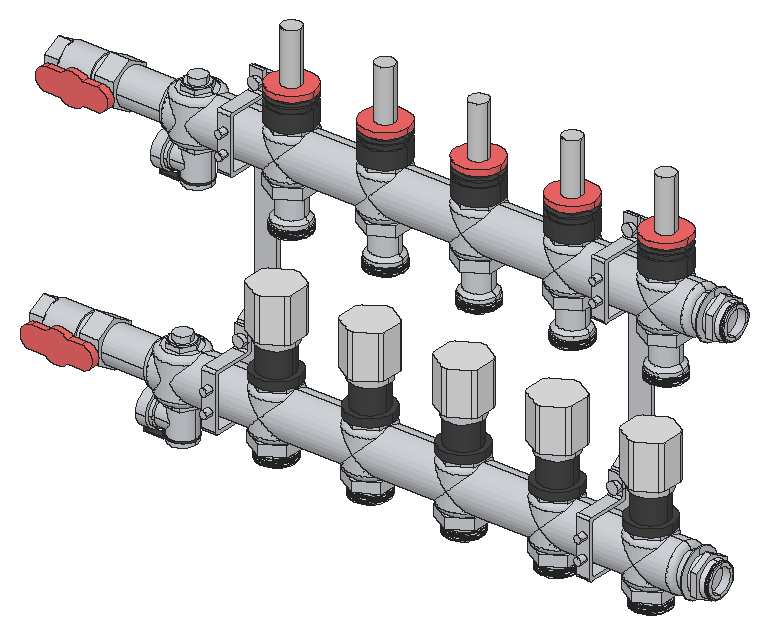
Revit family "Schülter_Combined", category Plumbing Fixtures, Revit 2014
Reference planes
  plane 1 "Center (Front/Back)": y = 0
  plane 2: z = 0
  plane 3 "Center (Left/Right)": x = 0
Forms (mm)
  Extrusion 1, solid, detail levels fine
    sketch origin (0, 0, 0) x (0, 1, 0) y (0, 0, 1)
      loop
        line (-23, -68.639) -> (-23, -143.139) -> (-20, -143.139) -> (-20, -70.22)
        arc (-20, -70.22) -> (-19.654, -68.821) -> (-18.695, -67.745) r 3
        line (-18.695, -67.745) -> (-1.305, -55.837)
        arc (-1.305, -55.837) -> (-0.346, -54.761) -> (0, -53.361) r 3
        line (0, -53.361) -> (0, 53.361)
        arc (0, 53.361) -> (-0.706, 55.294) -> (-2.491, 56.318) r 3
        arc (-2.491, 56.318) -> (-2.843, 56.647) -> (-3, 57.103) r 1
        line (-3, 57.103) -> (-3, 130.861) -> (-6, 130.861) -> (-6, 56.361)
        arc (-6, 56.361) -> (-5.121, 54.24) -> (-3, 53.361) r 3
        line (-3, 53.361) -> (-3, -51.78)
        arc (-3, -51.78) -> (-3.346, -53.179) -> (-4.305, -54.255) r 3
        line (-4.305, -54.255) -> (-21.695, -66.163)
        arc (-21.695, -66.163) -> (-22.654, -67.239) -> (-23, -68.639) r 3
    from 0 to 20
  Extrusion 2, solid, detail levels fine
    sketch origin (0, 0, 0) x (0, 1, 0) y (0, 0, 1)
      loop
        arc (-48, 116.861) -> (-49.414, 116.276) -> (-50, 114.861) r 2
        line (-50, 114.861) -> (-50, 67.861)
        arc (-50, 67.861) -> (-49.414, 66.447) -> (-48, 65.861) r 2
        line (-48, 65.861) -> (-8, 65.861) -> (-8, 68.361) -> (-45.5, 68.361)
        arc (-45.5, 68.361) -> (-46.914, 68.947) -> (-47.5, 70.361) r 2
        line (-47.5, 70.361) -> (-47.5, 112.361)
        arc (-47.5, 112.361) -> (-46.914, 113.776) -> (-45.5, 114.361) r 2
        line (-45.5, 114.361) -> (-13, 114.361)
        arc (-13, 114.361) -> (-11.586, 114.947) -> (-11, 116.361) r 2
        line (-11, 116.361) -> (-11, 135.861) -> (-13.5, 135.861) -> (-13.5, 118.861)
        arc (-13.5, 118.861) -> (-14.086, 117.447) -> (-15.5, 116.861) r 2
        line (-15.5, 116.861) -> (-48, 116.861)
    from 4 to 16
  Extrusion 3, solid, detail levels fine
    sketch origin (6.5, 0, 0) x (0, 1, 0) y (0, 0, 1)
      loop
        line (1, 60.061) -> (1, 65.361)
        arc (1, 65.361) -> (0.121, 67.483) -> (-2, 68.361) r 3
        line (-2, 68.361) -> (-8, 68.361) -> (-8, 65.861) -> (-4.5, 65.861)
        arc (-4.5, 65.861) -> (-2.379, 64.983) -> (-1.5, 62.861) r 3
        line (-1.5, 62.861) -> (-1.5, 60.061) -> (1, 60.061)
    from 0 to 7
  Extrusion 4, solid, detail levels fine
    sketch origin (0, -17, -200) x (0, 1, 0) y (0, 0, 1)
      loop
        arc (-48, 116.861) -> (-49.414, 116.276) -> (-50, 114.861) r 2
        line (-50, 114.861) -> (-50, 67.861)
        arc (-50, 67.861) -> (-49.414, 66.447) -> (-48, 65.861) r 2
        line (-48, 65.861) -> (-8, 65.861) -> (-8, 68.361) -> (-45.5, 68.361)
        arc (-45.5, 68.361) -> (-46.914, 68.947) -> (-47.5, 70.361) r 2
        line (-47.5, 70.361) -> (-47.5, 112.361)
        arc (-47.5, 112.361) -> (-46.914, 113.776) -> (-45.5, 114.361) r 2
        line (-45.5, 114.361) -> (-13, 114.361)
        arc (-13, 114.361) -> (-11.586, 114.947) -> (-11, 116.361) r 2
        line (-11, 116.361) -> (-11, 135.861) -> (-13.5, 135.861) -> (-13.5, 118.861)
        arc (-13.5, 118.861) -> (-14.086, 117.447) -> (-15.5, 116.861) r 2
        line (-15.5, 116.861) -> (-48, 116.861)
    from 4 to 16
  Extrusion 5, solid, detail levels fine
    sketch origin (6.5, -17, -200) x (0, 1, 0) y (0, 0, 1)
      loop
        line (1, 60.061) -> (1, 65.361)
        arc (1, 65.361) -> (0.121, 67.483) -> (-2, 68.361) r 3
        line (-2, 68.361) -> (-8, 68.361) -> (-8, 65.861) -> (-4.5, 65.861)
        arc (-4.5, 65.861) -> (-2.379, 64.983) -> (-1.5, 62.861) r 3
        line (-1.5, 62.861) -> (-1.5, 60.061) -> (1, 60.061)
    from 0 to 7
  Extrusion 6, solid, detail levels fine
    sketch origin (-0.166, -2, 0) x (1, 0, 0) y (0, 0, 1)
      loop
        circle (10.166, 124.986) r 3
    from 0 to 7.4
  Extrusion 7, solid, detail levels fine
    sketch origin (0, -5.3, 0) x (1, 0, 0) y (0, 0, 1)
      loop
        circle (10, 124.986) r 5
    from 4.1 to 12
  Extrusion 8, solid, detail levels fine
    sketch origin (0, 3, -2.465) x (1, 0, 0) y (0, 0, 1)
      loop
        circle (10, 103.45) r 3.1
    from 0 to 6
  Extrusion 9, solid, detail levels fine
    sketch origin (0, 3, -20.465) x (1, 0, 0) y (0, 0, 1)
      loop
        circle (10, 103.45) r 3.1
    from 0 to 6
  Extrusion 10, solid, detail levels fine
    sketch origin (0, -50, -2.465) x (1, 0, 0) y (0, 0, 1)
      loop
        circle (10, 103.45) r 3.1
    from 0 to 6.5
  Extrusion 11, solid, detail levels fine
    sketch origin (0, -50, -20.465) x (1, 0, 0) y (0, 0, 1)
      loop
        circle (10, 103.45) r 3.1
    from 0 to 6.5
  Extrusion 12, solid, detail levels fine
    sketch origin (-0.166, -19, -200) x (1, 0, 0) y (0, 0, 1)
      loop
        circle (10.166, 124.986) r 3
    from 0 to 7.4
  Extrusion 13, solid, detail levels fine
    sketch origin (0, -22.3, -200) x (1, 0, 0) y (0, 0, 1)
      loop
        circle (10, 124.986) r 5
    from 4.1 to 12
  Extrusion 14, solid, detail levels fine
    sketch origin (0, -14, -202.465) x (1, 0, 0) y (0, 0, 1)
      loop
        circle (10, 103.45) r 3.1
    from 0 to 6
  Extrusion 15, solid, detail levels fine
    sketch origin (0, -14, -220.465) x (1, 0, 0) y (0, 0, 1)
      loop
        circle (10, 103.45) r 3.1
    from 0 to 6
  Extrusion 16, solid, detail levels fine
    sketch origin (0, -67, -202.465) x (1, 0, 0) y (0, 0, 1)
      loop
        circle (10, 103.45) r 3.1
    from 0 to 6.5
  Extrusion 17, solid, detail levels fine
    sketch origin (0, -67, -220.465) x (1, 0, 0) y (0, 0, 1)
      loop
        circle (10, 103.45) r 3.1
    from 0 to 6.5
  Extrusion 18, solid, detail levels medium
    sketch origin (0, 0, 0) x (0, 1, 0) y (0, 0, 1)
      loop
        line (-3, 56.361) -> (-3, 130.861) -> (-6, 130.861) -> (-6, 53.361) -> (-3, 53.361) -> (-3, -67.22) -> (-23, -67.22) -> (-23, -143.139) -> (-20, -143.139) -> (-20, -70.22) -> (0, -70.22) -> (0, 56.361) -> (-3, 56.361)
    from 0 to 20
  Extrusion 19, solid, detail levels medium
    sketch origin (0, 0, 0) x (0, 1, 0) y (0, 0, 1)
      loop
        line (-67, -134.139) -> (-23, -134.139) -> (-23, -131.639) -> (-64.5, -131.639) -> (-64.5, -85.639) -> (-28, -85.639) -> (-28, -80.639) -> (-23, -80.639) -> (-23, -69.894) -> (-28, -69.894) -> (-28, -64.139) -> (-30.5, -64.139) -> (-30.5, -83.139) -> (-67, -83.139) -> (-67, -134.139)
    from 4 to 16
  Extrusion 20, solid, detail levels medium
    sketch origin (0, 17, 200) x (0, 1, 0) y (0, 0, 1)
      loop
        line (-67, -134.139) -> (-23, -134.139) -> (-23, -131.639) -> (-64.5, -131.639) -> (-64.5, -85.639) -> (-28, -85.639) -> (-28, -80.639) -> (-23, -80.639) -> (-23, -69.894) -> (-28, -69.894) -> (-28, -64.139) -> (-30.5, -64.139) -> (-30.5, -83.139) -> (-67, -83.139) -> (-67, -134.139)
    from 4 to 16
  Extrusion 21, solid, detail levels fine
    sketch origin (336, 0, 0) x (0, 1, 0) y (0, 0, 1)
      loop
        line (-23, -68.639) -> (-23, -143.139) -> (-20, -143.139) -> (-20, -70.22)
        arc (-20, -70.22) -> (-19.654, -68.821) -> (-18.695, -67.745) r 3
        line (-18.695, -67.745) -> (-1.305, -55.837)
        arc (-1.305, -55.837) -> (-0.346, -54.761) -> (0, -53.361) r 3
        line (0, -53.361) -> (0, 53.361)
        arc (0, 53.361) -> (-0.706, 55.294) -> (-2.491, 56.318) r 3
        arc (-2.491, 56.318) -> (-2.843, 56.647) -> (-3, 57.103) r 1
        line (-3, 57.103) -> (-3, 130.861) -> (-6, 130.861) -> (-6, 56.361)
        arc (-6, 56.361) -> (-5.121, 54.24) -> (-3, 53.361) r 3
        line (-3, 53.361) -> (-3, -51.78)
        arc (-3, -51.78) -> (-3.346, -53.179) -> (-4.305, -54.255) r 3
        line (-4.305, -54.255) -> (-21.695, -66.163)
        arc (-21.695, -66.163) -> (-22.654, -67.239) -> (-23, -68.639) r 3
    from 0 to 20
  Extrusion 22, solid, detail levels fine
    sketch origin (336, 0, 0) x (0, 1, 0) y (0, 0, 1)
      loop
        arc (-48, 116.861) -> (-49.414, 116.276) -> (-50, 114.861) r 2
        line (-50, 114.861) -> (-50, 67.861)
        arc (-50, 67.861) -> (-49.414, 66.447) -> (-48, 65.861) r 2
        line (-48, 65.861) -> (-8, 65.861) -> (-8, 68.361) -> (-45.5, 68.361)
        arc (-45.5, 68.361) -> (-46.914, 68.947) -> (-47.5, 70.361) r 2
        line (-47.5, 70.361) -> (-47.5, 112.361)
        arc (-47.5, 112.361) -> (-46.914, 113.776) -> (-45.5, 114.361) r 2
        line (-45.5, 114.361) -> (-13, 114.361)
        arc (-13, 114.361) -> (-11.586, 114.947) -> (-11, 116.361) r 2
        line (-11, 116.361) -> (-11, 135.861) -> (-13.5, 135.861) -> (-13.5, 118.861)
        arc (-13.5, 118.861) -> (-14.086, 117.447) -> (-15.5, 116.861) r 2
        line (-15.5, 116.861) -> (-48, 116.861)
    from 4 to 16
  Extrusion 23, solid, detail levels fine
    sketch origin (342.5, 0, 0) x (0, 1, 0) y (0, 0, 1)
      loop
        line (1, 60.061) -> (1, 65.361)
        arc (1, 65.361) -> (0.121, 67.483) -> (-2, 68.361) r 3
        line (-2, 68.361) -> (-8, 68.361) -> (-8, 65.861) -> (-4.5, 65.861)
        arc (-4.5, 65.861) -> (-2.379, 64.983) -> (-1.5, 62.861) r 3
        line (-1.5, 62.861) -> (-1.5, 60.061) -> (1, 60.061)
    from 0 to 7
  Extrusion 24, solid, detail levels fine
    sketch origin (336, -17, -200) x (0, 1, 0) y (0, 0, 1)
      loop
        arc (-48, 116.861) -> (-49.414, 116.276) -> (-50, 114.861) r 2
        line (-50, 114.861) -> (-50, 67.861)
        arc (-50, 67.861) -> (-49.414, 66.447) -> (-48, 65.861) r 2
        line (-48, 65.861) -> (-8, 65.861) -> (-8, 68.361) -> (-45.5, 68.361)
        arc (-45.5, 68.361) -> (-46.914, 68.947) -> (-47.5, 70.361) r 2
        line (-47.5, 70.361) -> (-47.5, 112.361)
        arc (-47.5, 112.361) -> (-46.914, 113.776) -> (-45.5, 114.361) r 2
        line (-45.5, 114.361) -> (-13, 114.361)
        arc (-13, 114.361) -> (-11.586, 114.947) -> (-11, 116.361) r 2
        line (-11, 116.361) -> (-11, 135.861) -> (-13.5, 135.861) -> (-13.5, 118.861)
        arc (-13.5, 118.861) -> (-14.086, 117.447) -> (-15.5, 116.861) r 2
        line (-15.5, 116.861) -> (-48, 116.861)
    from 4 to 16
  Extrusion 25, solid, detail levels fine
    sketch origin (342.5, -17, -200) x (0, 1, 0) y (0, 0, 1)
      loop
        line (1, 60.061) -> (1, 65.361)
        arc (1, 65.361) -> (0.121, 67.483) -> (-2, 68.361) r 3
        line (-2, 68.361) -> (-8, 68.361) -> (-8, 65.861) -> (-4.5, 65.861)
        arc (-4.5, 65.861) -> (-2.379, 64.983) -> (-1.5, 62.861) r 3
        line (-1.5, 62.861) -> (-1.5, 60.061) -> (1, 60.061)
    from 0 to 7
  Extrusion 26, solid, detail levels fine
    sketch origin (335.834, -2, 0) x (1, 0, 0) y (0, 0, 1)
      loop
        circle (10.166, 124.986) r 3
    from 0 to 7.4
  Extrusion 27, solid, detail levels fine
    sketch origin (336, -5.3, 0) x (1, 0, 0) y (0, 0, 1)
      loop
        circle (10, 124.986) r 5
    from 4.1 to 12
  Extrusion 28, solid, detail levels fine
    sketch origin (336, 3, -2.465) x (1, 0, 0) y (0, 0, 1)
      loop
        circle (10, 103.45) r 3.1
    from 0 to 6
  Extrusion 29, solid, detail levels fine
    sketch origin (336, 3, -20.465) x (1, 0, 0) y (0, 0, 1)
      loop
        circle (10, 103.45) r 3.1
    from 0 to 6
  Extrusion 30, solid, detail levels fine
    sketch origin (336, -50, -2.465) x (1, 0, 0) y (0, 0, 1)
      loop
        circle (10, 103.45) r 3.1
    from 0 to 6.5
  Extrusion 31, solid, detail levels fine
    sketch origin (336, -50, -20.465) x (1, 0, 0) y (0, 0, 1)
      loop
        circle (10, 103.45) r 3.1
    from 0 to 6.5
  Extrusion 32, solid, detail levels fine
    sketch origin (335.834, -19, -200) x (1, 0, 0) y (0, 0, 1)
      loop
        circle (10.166, 124.986) r 3
    from 0 to 7.4
  Extrusion 33, solid, detail levels fine
    sketch origin (336, -22.3, -200) x (1, 0, 0) y (0, 0, 1)
      loop
        circle (10, 124.986) r 5
    from 4.1 to 12
  Extrusion 34, solid, detail levels fine
    sketch origin (336, -14, -202.465) x (1, 0, 0) y (0, 0, 1)
      loop
        circle (10, 103.45) r 3.1
    from 0 to 6
  Extrusion 35, solid, detail levels fine
    sketch origin (336, -14, -220.465) x (1, 0, 0) y (0, 0, 1)
      loop
        circle (10, 103.45) r 3.1
    from 0 to 6
  Extrusion 36, solid, detail levels fine
    sketch origin (336, -67, -202.465) x (1, 0, 0) y (0, 0, 1)
      loop
        circle (10, 103.45) r 3.1
    from 0 to 6.5
  Extrusion 37, solid, detail levels fine
    sketch origin (336, -67, -220.465) x (1, 0, 0) y (0, 0, 1)
      loop
        circle (10, 103.45) r 3.1
    from 0 to 6.5
  Extrusion 38, solid, detail levels medium
    sketch origin (336, 0, 0) x (0, 1, 0) y (0, 0, 1)
      loop
        line (-3, 56.361) -> (-3, 130.861) -> (-6, 130.861) -> (-6, 53.361) -> (-3, 53.361) -> (-3, -67.22) -> (-23, -67.22) -> (-23, -143.139) -> (-20, -143.139) -> (-20, -70.22) -> (0, -70.22) -> (0, 56.361) -> (-3, 56.361)
    from 0 to 20
  Extrusion 39, solid, detail levels medium
    sketch origin (336, 0, 0) x (0, 1, 0) y (0, 0, 1)
      loop
        line (-67, -134.139) -> (-23, -134.139) -> (-23, -131.639) -> (-64.5, -131.639) -> (-64.5, -85.639) -> (-28, -85.639) -> (-28, -80.639) -> (-23, -80.639) -> (-23, -69.894) -> (-28, -69.894) -> (-28, -64.139) -> (-30.5, -64.139) -> (-30.5, -83.139) -> (-67, -83.139) -> (-67, -134.139)
    from 4 to 16
  Extrusion 40, solid, detail levels medium
    sketch origin (336, 17, 200) x (0, 1, 0) y (0, 0, 1)
      loop
        line (-67, -134.139) -> (-23, -134.139) -> (-23, -131.639) -> (-64.5, -131.639) -> (-64.5, -85.639) -> (-28, -85.639) -> (-28, -80.639) -> (-23, -80.639) -> (-23, -69.894) -> (-28, -69.894) -> (-28, -64.139) -> (-30.5, -64.139) -> (-30.5, -83.139) -> (-67, -83.139) -> (-67, -134.139)
    from 4 to 16
  Extrusion 41, solid, detail levels coarse
    sketch origin (0, 0, 0) x (1, 0, 0) y (0, 0, 1)
      loop
        line (-157.093, 190.571) -> (-157.093, -168.634) -> (450.962, -168.634) -> (450.962, 190.571) -> (-157.093, 190.571)
    from -3 to 73.5
Dimensions and locks
  aligned and locked: level to plane 2
Nested families
  nested 1: "Mid_Part" at (423, -26.75, 91.361), type "Mid_Part"
  nested 2: "Mid_Part" at (423, -43.75, -108.639), type "Mid_Part"
  nested 3: "Pipe_Fitting_1" at (52, -26.75, 90.571), type "Pipe_Fitting_1"
  nested 4: "Pipe_Fitting_1" at (136, -26.75, 90.571), type "Pipe_Fitting_1"
  nested 5: "Pipe_Fitting_1" at (220, -26.75, 90.571), type "Pipe_Fitting_1"
  nested 6: "Pipe_Fitting_1" at (304, -26.75, 90.571), type "Pipe_Fitting_1"
  nested 7: "Pipe_Fitting_1" at (388, -26.75, 90.571), type "Pipe_Fitting_1"
  nested 8: "Pipe_Fitting_2" at (52, -43.75, -108.639), type "Pipe_Fitting_2"
  nested 9: "Pipe_Fitting_2" at (136, -43.75, -108.639), type "Pipe_Fitting_2"
  nested 10: "Pipe_Fitting_2" at (220, -43.75, -108.639), type "Pipe_Fitting_2"
  nested 11: "Pipe_Fitting_2" at (304, -43.75, -108.639), type "Pipe_Fitting_2"
  nested 12: "Pipe_Fitting_2" at (388, -43.75, -108.639), type "Pipe_Fitting_2"
Definition of nested family "Mid_Part"
  Reference planes
    plane 1 "Center (Front/Back)": y = 0
    plane 2: z = 0
    plane 3 "Center (Left/Right)": x = 0
    plane 4: x = -476
  Forms (mm)
    Revolve 1, solid, detail levels fine
      sketch origin (0, 0, 0) x (1, 0, 0) y (0, 0, 1)
        loop
          line (-476, 15.5) -> (-476, 0) -> (9, 0) -> (9, 11) -> (27.962, 11) -> (27.962, 13.5) -> (27.566, 14.25) -> (27.17, 13.5) -> (26.774, 14.25) -> (26.377, 13.5) -> (25.981, 14.25) -> (25.585, 13.5) -> (25.189, 14.25) -> (24.792, 13.5) -> (9, 13.5) -> (9, 20.5) -> (8, 20.5) -> (8, 15.5) -> (0, 15.5)
          arc (0, 15.5) -> (-1.464, 19.036) -> (-5, 20.5) r 5
          line (-5, 20.5) -> (-471, 20.5)
          arc (-471, 20.5) -> (-474.536, 19.036) -> (-476, 15.5) r 5
        axis (-476, 0) -> (27.962, 0)
      angle from 0 to 360
    Revolve 2, solid, material "Matt White", detail levels fine
      sketch origin (-35, 0, 0) x (1, 0, 0) y (0, 0, 1)
        loop
          line (44, 13.5) -> (59.792, 13.5) -> (59.792, 14.382) -> (54.839, 15.063) -> (54.195, 15.983) -> (49, 15.983) -> (44, 15.028) -> (44, 13.5)
        axis (44, 0) -> (59.792, 0)
      angle from 0 to 360
    Extrusion 3, solid, detail levels medium+fine
      sketch origin (-35, 0, 0) x (0, 1, 0) y (0, 0, 1)
        loop
          line (-16.5, -9.526) -> (0, -19.053) -> (16.5, -9.526) -> (16.5, 9.526) -> (0, 19.053) -> (-16.5, 9.526) -> (-16.5, -9.526)
      from 49 to 54.839
    Extrusion 4, solid, detail levels medium
      sketch origin (0, 0, 0) x (0, 1, 0) y (0, 0, 1)
        loop
          circle (0, 0) r 21
      from -476 to 0
    Extrusion 5, solid, detail levels medium
      sketch origin (-35, 0, 0) x (0, 1, 0) y (0, 0, 1)
        loop
          circle (0, 0) r 16
      from 35 to 62.962
  Dimensions and locks
    locked: plane 3 "Center (Left/Right)" to plane 4 at 476
    aligned and locked: level to plane 2
    aligned and locked: nested 1 to plane 4
  Nested families
    nested 1: "Tap" at (-476, 0, 0) x (-1, 0, 0) z (0, 0, 1), type "Tap"
    nested 2: "Knob" at (-455, 0, -38.496) x (-1, 0, 0) z (0, 0, 1), type "Knob"
  Definition of nested family "Tap"
    Reference planes
      plane 1 "Center (Front/Back)": y = 0
      plane 2: z = 0
      plane 3 "Center (Left/Right)": x = 0
    Forms (mm)
      Extrusion 1, solid, detail levels fine
        sketch origin (0, 0, 0) x (0, 1, 0) y (0, 0, 1)
          loop
            circle (0, 0) r 16
        from 0 to 40
      Extrusion 2, solid, detail levels fine
        sketch origin (0, 0, 0) x (0, 1, 0) y (0, 0, 1)
          loop
            line (-18, -10.392) -> (0, -20.785) -> (18, -10.392) -> (18, 10.392) -> (0, 20.785) -> (-18, 10.392) -> (-18, -10.392)
        from 40 to 57
      Extrusion 3, solid, detail levels fine
        sketch origin (0, 0, 0) x (0, 1, 0) y (0, 0, 1)
          loop
            circle (0, 0) r 16.5
        from 57 to 63
      Extrusion 4, solid, detail levels fine
        sketch origin (0, 0, 0) x (0, 1, 0) y (0, 0, 1)
          loop
            circle (0, 0) r 17
        from 63 to 92
      Extrusion 5, solid, detail levels fine
        sketch origin (0, 0, 0) x (0, 1, 0) y (0, 0, 1)
          loop
            line (-15, -8.66) -> (0, -17.321) -> (15, -8.66) -> (15, 8.66) -> (0, 17.321) -> (-15, 8.66) -> (-15, -8.66)
        from 92 to 104.093
      Extrusion 6, solid, detail levels medium+fine
        sketch origin (0, 0, 0) x (1, 0, 0) y (0, 0, -1)
          loop
            circle (68.235, 0) r 6
        from 0 to 24
      Extrusion 7, solid, material "Red", detail levels fine
        sketch origin (0, 54, 0) x (1, 0, 0) y (0, 0, 1)
          loop
            arc (45.601, 10) -> (35.601, 0) -> (45.601, -10) r 10
            line (45.601, -10) -> (58.437, -10)
            arc (58.437, -10) -> (68.235, -14) -> (78.033, -10) r 14
            line (78.033, -10) -> (90.87, -10)
            arc (90.87, -10) -> (100.87, 0) -> (90.87, 10) r 10
            line (90.87, 10) -> (78.033, 10)
            arc (78.033, 10) -> (68.235, 14) -> (58.437, 10) r 14
            line (58.437, 10) -> (45.601, 10)
        from 24 to 30
      Extrusion 8, solid, detail levels medium
        sketch origin (0, 0, 0) x (0, 1, 0) y (0, 0, 1)
          loop
            circle (0, 0) r 16
        from 0 to 104.093
      Extrusion 9, solid, material "Red", detail levels medium
        sketch origin (0, 54, 0) x (1, 0, 0) y (0, 0, 1)
          loop
            line (35.564, -14.135) -> (101.037, -14.135) -> (101.037, 14.04) -> (35.564, 14.04) -> (35.564, -14.135)
        from 24 to 30
    Dimensions and locks
      aligned and locked: plane 2 to level
  Definition of nested family "Knob"
    Reference planes
      plane 1 "Center (Front/Back)": y = 0
      plane 2: z = 0
      plane 3 "Center (Left/Right)": x = 0
    Forms (mm)
      Extrusion 1, solid, detail levels fine
        sketch origin (0, 0, 63.04) x (1, 0, 0) y (0, 1, 0)
          loop
            circle (0, 0) r 7.5
        from 1 to 6
      Extrusion 2, solid, detail levels fine
        sketch origin (0, 0, 0) x (1, 0, 0) y (0, 1, 0)
          loop
            circle (0, 0) r 12
        from -12.5 to 12.5
      Extrusion 3, solid, material "Black", detail levels medium+fine
        sketch origin (0, 0, 0) x (1, 0, 0) y (0, 1, 0)
          loop
            circle (0, 0) r 12.5
        from -12.5 to -13.5
      Extrusion 4, solid, detail levels fine
        sketch origin (0, 0, -26) x (1, 0, 0) y (0, 1, 0)
          loop
            circle (0, 0) r 12
        from 8.5 to 12.5
      Extrusion 5, solid, detail levels fine
        sketch origin (-2.5, 2.5, 0) x (1, 0, 0) y (0, 1, 0)
          loop
            line (0, 0) -> (0, -5) -> (5, -5) -> (5, 0) -> (0, 0)
        from -17.5 to -21.5
      Extrusion 6, solid, detail levels fine
        sketch origin (0, 0, 0) x (1, 0, 0) y (0, 1, 0)
          loop
            line (7.217, -12.5) -> (14.434, 0) -> (7.217, 12.5) -> (-7.217, 12.5) -> (-14.434, 0) -> (-7.217, -12.5) -> (7.217, -12.5)
        from 12.5 to 18
      Extrusion 7, solid, detail levels fine
        sketch origin (0, 0, 0.04) x (1, 0, 0) y (0, 1, 0)
          loop
            line (6.351, -11) -> (12.702, 0) -> (6.351, 11) -> (-6.351, 11) -> (-12.702, 0) -> (-6.351, -11) -> (6.351, -11)
        from 59 to 63
      Extrusion 8, solid, detail levels fine
        sketch origin (0, 0, 0.04) x (1, 0, 0) y (0, 1, 0)
          loop
            circle (0, 0) r 10.5
        from 63 to 64
      Extrusion 9, solid, detail levels fine
        sketch origin (0, 0, 0) x (0, 1, 0) y (0, 0, 1)
          loop
            circle (0, 0) r 11.5
        from 0 to 17.2
      Extrusion 10, solid, detail levels fine
        sketch origin (0, 0, 0) x (0, 1, 0) y (0, 0, 1)
          loop
            circle (0, 0) r 13
        from 17.2 to 21.2
      Extrusion 11, solid, detail levels medium+fine
        sketch origin (0, 0, 0) x (0, 1, 0) y (0, 0, 1)
          loop
            circle (0, 0) r 15
        from 21.2 to 30.2
      Extrusion 12, solid, detail levels fine
        sketch origin (0, 0, 0) x (0, 1, 0) y (0, 0, 1)
          loop
            circle (0, 0) r 5
        from 30.2 to 31.2
      Extrusion 13, solid, material "Black", detail levels medium+fine
        sketch origin (0, 0, 0) x (0, 1, 0) y (0, 0, 1)
          loop
            circle (0, 0) r 5.5
        from 31.2 to 32.2
      Extrusion 14, solid, detail levels fine
        sketch origin (0, 0, 0) x (0, 1, 0) y (0, 0, 1)
          loop
            circle (0, 0) r 5
        from 32.2 to 34.6
      Extrusion 15, solid, material "Black", detail levels medium+fine
        sketch origin (0, 0, 0) x (1, 0, 0) y (0, 0, 1)
          loop
            line (0, -12.5) -> (0, -13.5) -> (15, -13.5) -> (15, -20.5) -> (32.2, -20.5) -> (32.2, 0) -> (31.2, 0) -> (31.2, -19.5) -> (16, -19.5) -> (16, -12.5) -> (0, -12.5)
        from -3 to 3
      Extrusion 16, solid, detail levels medium
        sketch origin (0, 0, 0) x (1, 0, 0) y (0, 1, 0)
          loop
            circle (0, 0) r 12
        from -17.5 to 63.04
      Extrusion 17, solid, detail levels medium
        sketch origin (0, 0, 64.04) x (1, 0, 0) y (0, 1, 0)
          loop
            circle (0, 0) r 7.5
        from -1 to 5
      Extrusion 18, solid, material "Default New Material", detail levels medium+fine
        sketch origin (0, 0, 26) x (1, 0, 0) y (0, 1, 0)
          loop
            circle (0, 0) r 12.5
        from -8 to -13.5
      Extrusion 19, solid, detail levels medium
        sketch origin (0, 0, 0) x (0, 1, 0) y (0, 0, 1)
          loop
            circle (0, 0) r 11.5
        from 0 to 21.2
      Extrusion 20, solid, detail levels medium
        sketch origin (0, 0, 0) x (0, 1, 0) y (0, 0, 1)
          loop
            circle (0, 0) r 5
        from 30.2 to 34.6
      Revolve 21, solid, detail levels fine
        sketch origin (0, 0, 0) x (1, 0, 0) y (0, 0, 1)
          loop
            line (0, 59) -> (-16, 59)
            arc (-16, 59) -> (-19.536, 57.536) -> (-21, 54) r 5
            line (-21, 54) -> (-21, 23)
            arc (-21, 23) -> (-19.536, 19.464) -> (-16, 18) r 5
            line (-16, 18) -> (0, 18) -> (0, 59)
          axis (0, 59) -> (0, 18)
        angle from 0 to 360
      Extrusion 22, solid, detail levels medium
        sketch origin (0, 0, 0) x (1, 0, 0) y (0, 1, 0)
          loop
            circle (0, 0) r 21
        from 18 to 59.04
    Dimensions and locks
      aligned and locked: plane 2 to level
Definition of nested family "Pipe_Fitting_1"
  Reference planes
    plane 1 "Center (Front/Back)": y = 0
    plane 2: z = 0
    plane 3 "Center (Left/Right)": x = 0
  Forms (mm)
    Revolve 1, solid, detail levels fine
      sketch origin (0, 0, 0) x (1, 0, 0) y (0, 0, 1)
        loop
          arc (-15.5, 20.5) -> (-19.036, 19.036) -> (-20.5, 15.5) r 5
          line (-20.5, 15.5) -> (-20.5, -15.5)
          arc (-20.5, -15.5) -> (-19.036, -19.036) -> (-15.5, -20.5) r 5
          line (-15.5, -20.5) -> (0, -20.5) -> (0, 20.5) -> (-15.5, 20.5)
        axis (0, 20.5) -> (0, -20.5)
      angle from 0 to 360
    Extrusion 2, solid, detail levels fine
      sketch origin (0, 0, 0) x (1, 0, 0) y (0, 1, 0)
        loop
          line (17, 9.815) -> (0, 19.63) -> (-17, 9.815) -> (-17, -9.815) -> (0, -19.63) -> (17, -9.815) -> (17, 9.815)
      from 20.5 to 24
    Revolve 3, solid, material "Black", detail levels fine
      sketch origin (0, 0, 0) x (1, 0, 0) y (0, 0, 1)
        loop
          line (0, 24) -> (0, 49) -> (-15, 49) -> (-15, 45) -> (-20, 45) -> (-20, 44) -> (-18, 44) -> (-18, 39) -> (-20, 39) -> (-20, 24) -> (0, 24)
        axis (0, 49) -> (0, 24)
      angle from 0 to 360
    Extrusion 4, solid, material "Red", detail levels medium+fine
      sketch origin (0, 0, 0) x (1, 0, 0) y (0, 1, 0)
        loop
          circle (0, 0) r 20
      from 49 to 54
    Extrusion 5, solid, material "White Trans", detail levels medium+fine
      sketch origin (0, 0, 0) x (1, 0, 0) y (0, 1, 0)
        loop
          circle (0, 0) r 8
      from 54 to 100
    Extrusion 6, solid, detail levels fine
      sketch origin (0, 0, 0) x (1, 0, 0) y (0, 1, 0)
        loop
          line (18, 10.392) -> (0, 20.785) -> (-18, 10.392) -> (-18, -10.392) -> (0, -20.785) -> (18, -10.392) -> (18, 10.392)
      from -20.5 to -30
    Extrusion 7, solid, detail levels fine
      sketch origin (0, 0, 0) x (1, 0, 0) y (0, 1, 0)
        loop
          circle (0, 0) r 12
      from -30 to -50
    Revolve 8, solid, detail levels fine
      sketch origin (0, 0, 0) x (1, 0, 0) y (0, 0, 1)
        loop
          line (-12, -50) -> (-15.536, -53.536) -> (-15.536, -56.536) -> (-16.336, -56.997) -> (-15.536, -57.459) -> (-16.336, -57.921) -> (-15.536, -58.383) -> (-16.336, -58.845) -> (-15.536, -59.307) -> (-16.336, -59.769) -> (-15.536, -60.231) -> (-16.336, -60.692) -> (-15.536, -61.154) -> (-16.336, -61.616) -> (-15.536, -62.078) -> (-16.336, -62.54) -> (-15.536, -63.002) -> (-16.336, -63.464) -> (-15.536, -63.926) -> (-13.036, -63.926) -> (-13.036, -53.499) -> (0, -53.499) -> (0, -50) -> (-12, -50)
        axis (0, -50) -> (0, -63.926)
      angle from 0 to 360
    Extrusion 9, solid, material "Black", detail levels medium
      sketch origin (0, 0, 0) x (1, 0, 0) y (0, 1, 0)
        loop
          circle (0, 0) r 20
      from 24 to 49
    Extrusion 10, solid, detail levels medium
      sketch origin (0, 0, 0) x (1, 0, 0) y (0, 1, 0)
        loop
          circle (0, 0) r 21
      from -30 to 24
    Extrusion 11, solid, detail levels medium
      sketch origin (0, 0, 0) x (1, 0, 0) y (0, 1, 0)
        loop
          circle (0, 0) r 16
      from -63.926 to -30
  Dimensions and locks
    aligned and locked: level to plane 2
Definition of nested family "Pipe_Fitting_2"
  Reference planes
    plane 1 "Center (Front/Back)": y = 0
    plane 2: z = 0
    plane 3 "Center (Left/Right)": x = 0
  Forms (mm)
    Revolve 1, solid, detail levels fine
      sketch origin (0, 0, 0) x (1, 0, 0) y (0, 0, 1)
        loop
          arc (-15.5, 20.5) -> (-19.036, 19.036) -> (-20.5, 15.5) r 5
          line (-20.5, 15.5) -> (-20.5, -15.5)
          arc (-20.5, -15.5) -> (-19.036, -19.036) -> (-15.5, -20.5) r 5
          line (-15.5, -20.5) -> (0, -20.5) -> (0, 20.5) -> (-15.5, 20.5)
        axis (0, 20.5) -> (0, -20.5)
      angle from 0 to 360
    Extrusion 2, solid, detail levels fine
      sketch origin (0, 0, 0) x (1, 0, 0) y (0, 1, 0)
        loop
          line (17, 9.815) -> (0, 19.63) -> (-17, 9.815) -> (-17, -9.815) -> (0, -19.63) -> (17, -9.815) -> (17, 9.815)
      from 20.5 to 24
    Extrusion 3, solid, detail levels fine
      sketch origin (0, 0, 0) x (1, 0, 0) y (0, 1, 0)
        loop
          line (18, 10.392) -> (0, 20.785) -> (-18, 10.392) -> (-18, -10.392) -> (0, -20.785) -> (18, -10.392) -> (18, 10.392)
      from -20.5 to -30
    Revolve 4, solid, detail levels fine
      sketch origin (0, 0, 23.499) x (1, 0, 0) y (0, 0, 1)
        loop
          line (-15.536, -53.499) -> (-15.536, -56.536) -> (-16.336, -56.997) -> (-15.536, -57.459) -> (-16.336, -57.921) -> (-15.536, -58.383) -> (-16.336, -58.845) -> (-15.536, -59.307) -> (-16.336, -59.769) -> (-15.536, -60.231) -> (-16.336, -60.692) -> (-15.536, -61.154) -> (-16.336, -61.616) -> (-15.536, -62.078) -> (-16.336, -62.54) -> (-15.536, -63.002) -> (-16.336, -63.464) -> (-15.536, -63.926) -> (-13.036, -63.926) -> (-13.036, -53.499) -> (-15.536, -53.499)
        axis (0, -53.499) -> (0, -63.926)
      angle from 0 to 360
    Extrusion 5, solid, material "Black", detail levels fine
      sketch origin (0, 0, 0) x (1, 0, 0) y (0, 1, 0)
        loop
          circle (0, 0) r 20
      from 24 to 30.964
    Extrusion 6, solid, material "Black", detail levels fine
      sketch origin (0, 0, 0) x (1, 0, 0) y (0, 1, 0)
        loop
          circle (0, 0) r 15
      from 30.964 to 54.154
    Extrusion 7, solid, detail levels medium+fine
      sketch origin (0, 0, 4.161) x (1, 0, 0) y (0, 1, 0)
        loop
          circle (0, 0) r 17
      from 49.992 to 57
    Extrusion 8, solid, material "Matt White", detail levels fine
      sketch origin (0, 0, 4.161) x (1, 0, 0) y (0, 1, 0)
        loop
          line (17.795, 12.82) -> (2.205, 21.821) -> (-2.205, 21.821) -> (-17.795, 12.82) -> (-20, 9) -> (-20, -9) -> (-17.795, -12.82) -> (-2.205, -21.821) -> (2.205, -21.821) -> (17.795, -12.82) -> (20, -9) -> (20, 9) -> (17.795, 12.82)
      from 57 to 95.839
    Extrusion 9, solid, material "Matt White", detail levels medium
      sketch origin (0, 0, 0) x (1, 0, 0) y (0, 1, 0)
        loop
          circle (0, 0) r 20
      from 61.161 to 100
    Extrusion 10, solid, material "Black", detail levels medium
      sketch origin (0, 0, 0) x (1, 0, 0) y (0, 1, 0)
        loop
          circle (0, 0) r 15
      from 24 to 54.154
    Extrusion 11, solid, detail levels medium
      sketch origin (0, 0, 0) x (1, 0, 0) y (0, 1, 0)
        loop
          circle (0, 0) r 21
      from -20.5 to 24
    Extrusion 12, solid, detail levels medium
      sketch origin (0, 0, 0) x (1, 0, 0) y (0, 1, 0)
        loop
          circle (0, 0) r 16
      from -40.426 to -20.5
  Dimensions and locks
    aligned and locked: level to plane 2
